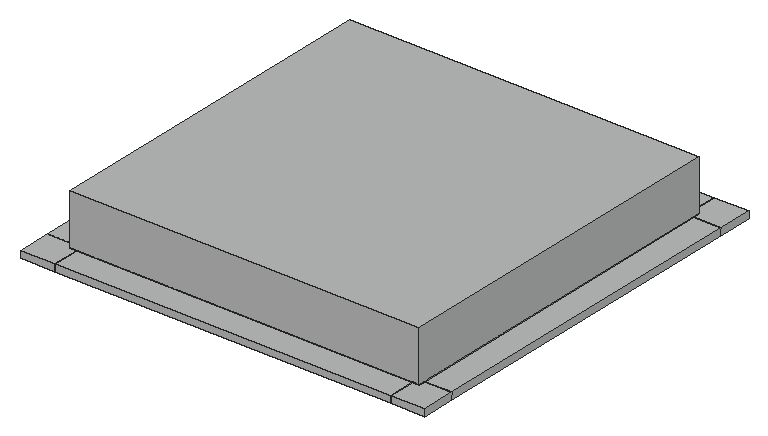
Revit family "ALUMOGIPS", category Осветительные приборы, Revit 2019 (continued)
Types (72, lengths in mm): name | Файл фотометрической сетки | built-in parameter 1150105 | Lumens | built-in parameter 1150106 | built-in parameter 1150142 | Wattage | Emit from Rectangle Width | Emit from Rectangle Length | Длина | Материал светильника | Ширина | ADSK_Ток | ADSK_Полная мощность | ADSK_Обозначение | ADSK_Номинальная мощность | ADSK_Наименование | ADSK_Масса | ADSK_Код изделия
  Alumogips-76/opal-sand 160х2305 (IP54, 4000К, серый) | "Светильник ALUMOGIPS-76 OPAL-SAND-(160x2300).IES" | 572.96 (stored number, unit not read) | 7200 lm | 5.7296 (stored number, unit not read) | "IESNA:LM-63-95\r\n[TEST] Протокол № 50-5\r\n[DATA]21.06.2016\r\n[MORE] \r\n[MANUFAC] ЗАО \"Центрстройсвет\"\r\n[LUMCAT]  Светильник ALUMOGIPS-76/OPAL-SAND-(160x2300)\r\n[LUMINAIRE]\r\n[LAMPCAT] Светодиоды\r\n[LAMP] Поток источника света (светодиодов) не известен\r\n[MORE] КСС приведена в абсолютных величинах кд\r\n[MORE] Вместо потока лампы, указан поток светильника.\r\nTILT=NONE\r\n1    7200 1.0 37 73 1 2 0.160 2.3 0.04\r\n1.0 1.0 76.6\r\n0.0 5.0 10.0 15.0 20.0 25.0 30.0 35.0 40.0 45.0 50.0 55.0 60.0 65.0 70.0 75.0 80.0 85.0 90.0 95.0 100.0 105.0 110.0 115.0 120.0 125.0 130.0 135.0 140.0 145.0 150.0 155.0 160.0 165.0 170.0 175.0 180.0\r\n0.0 5.0 10.0 15.0 20.0 25.0 30.0 35.0 40.0 45.0 50.0 55.0 60.0 65.0 70.0 75.0 80.0 85.0 90.0 95.0 100.0 105.0 110.0 115.0 120.0 125.0 130.0 135.0 140.0 145.0 150.0 155.0 160.0 165.0 170.0 175.0 180.0 185.0 190.0 195.0 200.0 205.0 210.0 215.0 220.0 225.0 230.0 235.0 240.0 245.0 250.0 255.0 260.0 265.0 270.0 275.0 280.0 285.0 290.0 295.0 300.0 305.0 310.0 315.0 320.0 325.0 330.0 335.0 340.0 345.0 350.0 355.0 360.0\r\n3405.6 3374.0 3369.6 3263.0 3188.3 3029.4 2777.5 2366.1 1845.1 1399.4 1065.5 805.3 609.9 450.2 323.1 240.5 163.0 73.4 7.8 0.0 0.0 0.0 0.0 0.0 0.0 0.0 0.0 0.0 0.0 0.0 0.0 0.0 0.0 0.0 0.0 0.0 0.0\r\n3405.6 3374.4 3379.9 3270.2 3198.2 3029.5 2790.9 2373.8 1854.9 1408.8 1072.8 809.5 619.4 453.6 327.0 242.6 164.9 74.0 8.4 0.0 0.0 0.0 0.0 0.0 0.0 0.0 0.0 0.0 0.0 0.0 0.0 0.0 0.0 0.0 0.0 0.0 0.0\r\n3405.6 3375.2 3384.5 3272.8 3199.0 3042.1 2776.0 2384.3 1886.5 1440.1 1094.4 832.2 628.9 457.0 331.8 247.4 169.1 74.3 8.8 0.0 0.0 0.0 0.0 0.0 0.0 0.0 0.0 0.0 0.0 0.0 0.0 0.0 0.0 0.0 0.0 0.0 0.0\r\n3405.6 3375.0 3385.9 3275.2 3180.8 3049.6 2793.5 2392.3 1915.8 1470.0 1127.9 857.8 642.3 462.7 335.0 254.7 174.5 74.9 9.2 0.0 0.0 0.0 0.0 0.0 0.0 0.0 0.0 0.0 0.0 0.0 0.0 0.0 0.0 0.0 0.0 0.0 0.0\r\n3405.6 3374.4 3376.0 3292.1 3177.6 3057.0 2812.9 2421.6 1960.5 1511.4 1168.9 901.6 665.7 470.6 339.0 258.2 176.2 78.1 9.6 0.0 0.0 0.0 0.0 0.0 0.0 0.0 0.0 0.0 0.0 0.0 0.0 0.0 0.0 0.0 0.0 0.0 0.0\r\n3405.6 3373.8 3358.9 3308.4 3174.1 3065.8 2824.7 2463.6 1997.6 1559.8 1217.5 938.4 690.8 482.6 342.3 252.9 177.1 79.1 10.0 0.0 0.0 0.0 0.0 0.0 0.0 0.0 0.0 0.0 0.0 0.0 0.0 0.0 0.0 0.0 0.0 0.0 0.0\r\n3405.6 3373.0 3345.2 3319.4 3197.2 3056.4 2836.9 2491.8 2046.7 1623.7 1269.0 987.0 723.9 501.1 345.5 251.9 178.8 81.4 10.7 0.0 0.0 0.0 0.0 0.0 0.0 0.0 0.0 0.0 0.0 0.0 0.0 0.0 0.0 0.0 0.0 0.0 0.0\r\n3405.6 3372.8 3343.6 3313.9 3208.1 3060.1 2841.4 2505.7 2088.6 1684.6 1324.2 1035.9 758.8 529.1 355.0 255.6 175.0 83.9 10.4 0.0 0.0 0.0 0.0 0.0 0.0 0.0 0.0 0.0 0.0 0.0 0.0 0.0 0.0 0.0 0.0 0.0 0.0\r\n3405.6 3375.3 3339.6 3304.4 3206.2 3085.6 2869.6 2552.3 2131.6 1731.3 1375.7 1080.9 800.2 556.1 372.5 257.7 168.0 87.1 10.7 0.0 0.0 0.0 0.0 0.0 0.0 0.0 0.0 0.0 0.0 0.0 0.0 0.0 0.0 0.0 0.0 0.0 0.0\r\n3405.6 3379.9 3338.3 3292.8 3199.2 3098.4 2883.0 2571.7 2179.2 1786.3 1435.5 1124.5 850.7 583.1 389.7 258.5 168.5 87.0 10.9 0.0 0.0 0.0 0.0 0.0 0.0 0.0 0.0 0.0 0.0 0.0 0.0 0.0 0.0 0.0 0.0 0.0 0.0\r\n3405.6 3384.6 3346.1 3286.5 3185.6 3081.2 2891.4 2590.2 2203.4 1830.5 1478.0 1169.5 878.2 609.2 406.7 266.0 166.9 86.8 10.1 0.0 0.0 0.0 0.0 0.0 0.0 0.0 0.0 0.0 0.0 0.0 0.0 0.0 0.0 0.0 0.0 0.0 0.0\r\n3405.6 3389.3 3362.5 3302.2 3211.6 3103.8 2908.8 2612.3 2251.7 1865.5 1519.4 1209.0 904.8 631.5 424.9 275.5 172.1 88.7 9.7 0.0 0.0 0.0 0.0 0.0 0.0 0.0 0.0 0.0 0.0 0.0 0.0 0.0 0.0 0.0 0.0 0.0 0.0\r\n3405.6 3394.3 3376.4 3293.5 3225.1 3102.4 2926.3 2644.9 2263.0 1896.0 1540.0 1225.2 919.2 646.4 442.6 292.2 179.1 88.4 9.9 0.0 0.0 0.0 0.0 0.0 0.0 0.0 0.0 0.0 0.0 0.0 0.0 0.0 0.0 0.0 0.0 0.0 0.0\r\n3405.6 3398.8 3384.9 3300.0 3226.2 3100.8 2928.0 2664.6 2289.0 1909.4 1550.4 1212.0 922.9 675.4 458.3 310.1 194.1 88.9 11.3 0.0 0.0 0.0 0.0 0.0 0.0 0.0 0.0 0.0 0.0 0.0 0.0 0.0 0.0 0.0 0.0 0.0 0.0\r\n3405.6 3403.8 3394.9 3300.1 3225.5 3082.0 2938.5 2679.7 2327.5 1917.2 1530.2 1177.9 905.7 682.8 470.6 323.4 215.2 95.6 9.9 0.0 0.0 0.0 0.0 0.0 0.0 0.0 0.0 0.0 0.0 0.0 0.0 0.0 0.0 0.0 0.0 0.0 0.0\r\n3405.6 3408.6 3386.4 3281.5 3213.7 3107.8 2945.4 2709.1 2357.5 1918.9 1499.2 1156.9 877.4 666.2 480.4 331.1 218.7 104.4 9.1 0.0 0.0 0.0 0.0 0.0 0.0 0.0 0.0 0.0 0.0 0.0 0.0 0.0 0.0 0.0 0.0 0.0 0.0\r\n3405.6 3410.6 3376.7 3285.0 3209.0 3098.5 2954.5 2719.8 2377.6 1921.2 1487.0 1128.4 854.9 640.0 464.7 329.7 219.2 105.6 11.0 0.0 0.0 0.0 0.0 0.0 0.0 0.0 0.0 0.0 0.0 0.0 0.0 0.0 0.0 0.0 0.0 0.0 0.0\r\n3405.6 3408.1 3366.0 3292.6 3209.8 3093.5 2949.2 2722.9 2395.0 1920.1 1488.3 1116.0 836.4 617.7 446.4 316.9 220.4 109.7 8.9 0.0 0.0 0.0 0.0 0.0 0.0 0.0 0.0 0.0 0.0 0.0 0.0 0.0 0.0 0.0 0.0 0.0 0.0\r\n3405.6 3402.7 3350.0 3304.7 3206.6 3058.9 2911.8 2690.5 2351.9 1903.0 1462.1 1104.8 832.1 611.9 438.5 311.8 216.6 107.1 8.8 0.0 0.0 0.0 0.0 0.0 0.0 0.0 0.0 0.0 0.0 0.0 0.0 0.0 0.0 0.0 0.0 0.0 0.0\r\n3405.6 3397.5 3348.8 3317.6 3208.2 3050.9 2880.6 2665.6 2330.9 1884.5 1458.1 1105.4 824.2 612.9 443.3 308.9 206.4 104.2 8.2 0.0 0.0 0.0 0.0 0.0 0.0 0.0 0.0 0.0 0.0 0.0 0.0 0.0 0.0 0.0 0.0 0.0 0.0\r\n3405.6 3393.4 3347.1 3314.7 3205.9 3062.3 2894.5 2664.4 2318.3 1892.3 1482.3 1121.5 836.2 626.4 450.4 309.2 202.6 99.9 7.6 0.0 0.0 0.0 0.0 0.0 0.0 0.0 0.0 0.0 0.0 0.0 0.0 0.0 0.0 0.0 0.0 0.0 0.0\r\n3405.6 3389.0 3353.8 3306.8 3191.0 3067.8 2890.7 2623.7 2273.8 1883.9 1482.8 1137.7 858.8 637.9 451.4 307.0 196.3 94.9 5.3 0.0 0.0 0.0 0.0 0.0 0.0 0.0 0.0 0.0 0.0 0.0 0.0 0.0 0.0 0.0 0.0 0.0 0.0\r\n3405.6 3385.8 3363.6 3284.5 3190.2 3052.2 2867.0 2603.7 2234.7 1868.2 1486.7 1153.6 873.6 630.9 431.5 292.6 192.4 88.6 3.7 0.0 0.1 0.0 0.0 0.0 0.0 0.0 0.0 0.0 0.0 0.0 0.0 0.0 0.0 0.0 0.0 0.0 0.0\r\n3405.6 3384.7 3368.2 3275.4 3191.3 3027.7 2848.8 2554.0 2194.9 1820.0 1488.1 1166.5 864.2 606.8 408.2 280.2 175.2 81.6 3.0 0.0 0.0 0.0 0.0 0.0 0.0 0.0 0.0 0.0 0.0 0.0 0.0 0.0 0.0 0.0 0.0 0.0 0.0\r\n3405.6 3384.8 3378.5 3286.4 3189.7 3022.3 2833.9 2516.5 2136.9 1793.4 1469.5 1158.8 841.3 573.2 384.8 263.2 159.9 79.3 2.3 0.0 0.0 0.0 0.0 0.0 0.0 0.0 0.0 0.0 0.0 0.0 0.0 0.0 0.0 0.0 0.0 0.0 0.0\r\n3405.6 3385.1 3380.7 3277.4 3186.3 3025.2 2795.8 2474.4 2098.7 1759.6 1435.7 1121.3 817.3 544.5 365.0 244.9 152.2 74.4 1.3 0.0 0.0 0.0 0.0 0.0 0.0 0.0 0.0 0.0 0.0 0.0 0.0 0.0 0.0 0.0 0.0 0.0 0.0\r\n3405.6 3385.7 3379.5 3270.4 3188.1 3012.0 2777.6 2434.0 2067.6 1704.2 1382.0 1070.1 786.0 522.6 351.5 231.7 152.4 65.6 0.6 0.0 0.0 0.0 0.0 0.0 0.0 0.0 0.0 0.0 0.0 0.0 0.0 0.0 0.0 0.0 0.0 0.0 0.0\r\n3405.6 3386.0 3376.9 3263.0 3160.9 3007.9 2751.4 2393.6 2021.0 1665.4 1317.2 1023.3 746.3 501.3 336.3 231.8 146.1 59.9 0.4 0.0 0.0 0.0 0.0 0.0 0.0 0.0 0.0 0.0 0.0 0.0 0.0 0.0 0.0 0.0 0.0 0.0 0.0\r\n3405.6 3384.9 3366.1 3253.7 3170.8 2993.7 2732.7 2368.9 1968.1 1602.0 1254.2 973.1 694.2 478.2 324.9 229.6 146.4 57.0 0.4 0.0 0.0 0.0 0.0 0.0 0.0 0.0 0.0 0.0 0.0 0.0 0.0 0.0 0.0 0.0 0.0 0.0 0.0\r\n3405.6 3382.6 3357.8 3257.4 3163.3 2994.3 2702.7 2336.5 1915.3 1530.9 1200.5 923.8 649.6 455.6 313.7 233.1 145.7 54.4 0.2 0.0 0.0 0.0 0.0 0.0 0.0 0.0 0.0 0.0 0.0 0.0 0.0 0.0 0.0 0.0 0.0 0.0 0.0\r\n3405.6 3380.7 3356.6 3258.4 3159.0 2982.6 2691.5 2294.1 1868.3 1466.2 1148.0 872.1 619.3 435.2 305.9 234.1 146.9 49.7 0.1 0.0 0.0 0.0 0.0 0.0 0.0 0.0 0.0 0.0 0.0 0.0 0.0 0.0 0.0 0.0 0.0 0.0 0.0\r\n3405.6 3380.2 3362.4 3257.2 3157.7 2959.7 2678.8 2269.4 1815.3 1403.1 1103.0 832.5 590.3 414.5 305.4 230.7 143.9 45.9 0.1 0.0 0.0 0.0 0.0 0.0 0.0 0.0 0.0 0.0 0.0 0.0 0.0 0.0 0.0 0.0 0.0 0.0 0.0\r\n3405.6 3380.5 3369.8 3257.8 3138.3 2951.0 2656.0 2239.6 1762.6 1363.8 1057.8 797.2 573.0 401.9 302.8 233.9 140.7 44.8 0.0 0.0 0.0 0.0 0.0 0.0 0.0 0.0 0.0 0.0 0.0 0.0 0.0 0.0 0.0 0.0 0.0 0.0 0.0\r\n3405.6 3379.5 3365.6 3260.4 3137.5 2949.1 2644.6 2207.8 1716.8 1327.0 1024.7 771.4 557.0 393.1 299.3 232.1 139.2 42.6 0.0 0.0 0.0 0.0 0.0 0.0 0.0 0.0 0.0 0.0 0.0 0.0 0.0 0.0 0.0 0.0 0.0 0.0 0.0\r\n3405.6 3376.0 3364.9 3251.5 3153.0 2948.3 2638.0 2188.2 1691.6 1292.8 994.4 750.2 551.7 390.4 295.1 229.1 137.2 41.5 0.0 0.0 0.0 0.0 0.0 0.0 0.0 0.0 0.0 0.0 0.0 0.0 0.0 0.0 0.0 0.0 0.0 0.0 0.0\r\n3405.6 3370.8 3357.6 3249.3 3149.7 2936.4 2617.0 2159.9 1666.8 1272.2 975.6 735.3 545.3 390.5 291.2 226.7 136.0 40.9 0.0 0.0 0.0 0.0 0.0 0.0 0.0 0.0 0.0 0.0 0.0 0.0 0.0 0.0 0.0 0.0 0.0 0.0 0.0\r\n3405.6 3367.3 3346.1 3241.8 3134.2 2934.5 2612.2 2158.6 1652.8 1266.3 962.9 724.9 539.6 390.2 293.3 227.8 135.2 40.4 0.0 0.0 0.0 0.0 0.0 0.0 0.0 0.0 0.0 0.0 0.0 0.0 0.0 0.0 0.0 0.0 0.0 0.0 0.0\r\n3405.6 3368.2 3337.0 3237.8 3138.6 2954.7 2622.9 2162.1 1655.6 1265.9 963.0 724.8 536.8 391.2 297.0 230.5 136.7 39.8 0.0 0.0 0.0 0.0 0.0 0.0 0.0 0.0 0.0 0.0 0.0 0.0 0.0 0.0 0.0 0.0 0.0 0.0 0.0\r\n3405.6 3372.2 3333.4 3246.8 3134.8 2934.1 2635.7 2167.6 1659.0 1285.6 977.2 727.6 536.3 392.1 302.7 235.0 140.3 39.7 0.0 0.0 0.0 0.0 0.0 0.0 0.0 0.0 0.0 0.0 0.0 0.0 0.0 0.0 0.0 0.0 0.0 0.0 0.0\r\n3405.6 3376.2 3321.9 3266.8 3125.0 2950.7 2642.3 2186.7 1691.6 1305.6 994.0 739.6 539.3 393.8 306.1 237.2 143.5 38.8 0.0 0.0 0.0 0.0 0.0 0.0 0.0 0.0 0.0 0.0 0.0 0.0 0.0 0.0 0.0 0.0 0.0 0.0 0.0\r\n3405.6 3379.4 3316.7 3264.5 3130.8 2944.5 2649.9 2215.4 1724.5 1336.3 1021.6 761.9 549.1 393.9 303.9 235.6 146.4 37.9 0.0 0.0 0.0 0.0 0.0 0.0 0.0 0.0 0.0 0.0 0.0 0.0 0.0 0.0 0.0 0.0 0.0 0.0 0.0\r\n3405.6 3383.0 3326.8 3246.1 3125.9 2947.4 2663.6 2233.9 1765.1 1371.0 1058.8 789.0 568.8 399.2 300.8 234.5 143.4 40.8 0.0 0.0 0.0 0.0 0.0 0.0 0.0 0.0 0.0 0.0 0.0 0.0 0.0 0.0 0.0 0.0 0.0 0.0 0.0\r\n3405.6 3386.5 3337.2 3241.5 3139.8 2952.5 2691.9 2271.1 1812.4 1412.5 1099.1 823.6 588.0 409.8 303.3 230.0 140.6 43.8 0.1 0.0 0.0 0.0 0.0 0.0 0.0 0.0 0.0 0.0 0.0 0.0 0.0 0.0 0.0 0.0 0.0 0.0 0.0\r\n3405.6 3388.5 3345.9 3222.1 3131.1 2960.1 2705.2 2312.9 1871.3 1466.1 1142.4 871.8 614.9 426.7 305.1 221.1 142.6 43.8 0.1 0.0 0.0 0.0 0.0 0.0 0.0 0.0 0.0 0.0 0.0 0.0 0.0 0.0 0.0 0.0 0.0 0.0 0.0\r\n3405.6 3389.0 3355.6 3233.4 3109.0 2966.0 2715.3 2353.2 1922.1 1520.6 1190.9 915.7 651.0 447.1 306.4 223.0 138.6 47.2 0.1 0.0 0.0 0.0 0.0 0.0 0.0 0.0 0.0 0.0 0.0 0.0 0.0 0.0 0.0 0.0 0.0 0.0 0.0\r\n3405.6 3389.3 3354.8 3251.9 3132.5 2965.2 2728.2 2393.1 1972.4 1582.9 1241.3 958.7 686.2 467.4 312.0 220.5 134.6 51.4 0.2 0.0 0.0 0.0 0.0 0.0 0.0 0.0 0.0 0.0 0.0 0.0 0.0 0.0 0.0 0.0 0.0 0.0 0.0\r\n3405.6 3389.4 3354.8 3266.4 3139.3 2973.1 2765.9 2430.8 2025.1 1635.6 1300.6 994.8 731.8 481.5 321.6 222.6 137.5 54.9 0.3 0.0 0.0 0.0 0.0 0.0 0.0 0.0 0.0 0.0 0.0 0.0 0.0 0.0 0.0 0.0 0.0 0.0 0.0\r\n3405.6 3388.8 3340.9 3260.4 3150.4 2987.7 2775.6 2458.4 2064.8 1696.3 1344.0 1038.6 756.8 499.3 332.2 230.0 143.6 58.5 0.4 0.0 0.0 0.0 0.0 0.0 0.0 0.0 0.0 0.0 0.0 0.0 0.0 0.0 0.0 0.0 0.0 0.0 0.0\r\n3405.6 3387.2 3322.6 3246.6 3126.8 2978.0 2792.4 2490.1 2122.6 1733.9 1378.4 1075.9 772.3 526.0 346.2 242.3 156.2 65.4 0.4 0.0 0.0 0.0 0.0 0.0 0.0 0.0 0.0 0.0 0.0 0.0 0.0 0.0 0.0 0.0 0.0 0.0 0.0\r\n3405.6 3383.9 3314.5 3234.8 3144.9 2988.4 2814.6 2529.8 2156.8 1772.6 1397.1 1083.5 790.8 540.3 368.4 260.2 167.1 74.2 0.8 0.0 0.0 0.0 0.0 0.0 0.0 0.0 0.0 0.0 0.0 0.0 0.0 0.0 0.0 0.0 0.0 0.0 0.0\r\n3405.6 3379.4 3310.9 3250.0 3156.3 3003.7 2817.4 2566.7 2194.6 1810.3 1409.3 1078.2 794.2 558.2 388.1 271.2 176.4 77.8 1.7 0.0 0.0 0.0 0.0 0.0 0.0 0.0 0.0 0.0 0.0 0.0 0.0 0.0 0.0 0.0 0.0 0.0 0.0\r\n3405.6 3375.3 3308.4 3270.0 3165.9 3011.6 2831.4 2587.5 2249.3 1834.2 1422.2 1057.9 777.0 567.9 398.1 276.8 185.1 81.8 2.2 0.0 0.0 0.0 0.0 0.0 0.0 0.0 0.0 0.0 0.0 0.0 0.0 0.0 0.0 0.0 0.0 0.0 0.0\r\n3405.6 3373.8 3313.7 3282.8 3148.7 3003.0 2850.3 2609.6 2283.3 1855.2 1420.9 1051.3 759.3 555.6 400.0 277.6 187.3 87.7 3.0 0.0 0.0 0.0 0.0 0.0 0.0 0.0 0.0 0.0 0.0 0.0 0.0 0.0 0.0 0.0 0.0 0.0 0.0\r\n3405.6 3375.3 3325.6 3277.7 3138.0 3009.7 2836.5 2602.2 2299.2 1863.9 1422.4 1034.9 741.8 546.2 395.1 275.0 184.8 89.1 3.7 0.0 0.0 0.0 0.0 0.0 0.0 0.0 0.0 0.0 0.0 0.0 0.0 0.0 0.0 0.0 0.0 0.0 0.0\r\n3405.6 3378.7 3333.0 3254.4 3140.4 3006.4 2816.0 2605.6 2308.4 1861.6 1416.4 1040.7 742.8 543.4 391.9 275.4 184.8 89.7 5.0 0.0 0.0 0.0 0.0 0.0 0.0 0.0 0.0 0.0 0.0 0.0 0.0 0.0 0.0 0.0 0.0 0.0 0.0\r\n3405.6 3381.8 3338.2 3252.6 3147.4 3018.7 2868.1 2644.9 2325.0 1884.7 1435.2 1041.6 753.1 552.0 396.6 279.4 191.2 93.5 7.2 0.0 0.0 0.0 0.0 0.0 0.0 0.0 0.0 0.0 0.0 0.0 0.0 0.0 0.0 0.0 0.0 0.0 0.0\r\n3405.6 3383.6 3341.0 3247.3 3160.9 3017.2 2875.2 2639.9 2319.2 1883.9 1448.4 1056.1 777.3 574.1 412.3 285.8 193.0 94.2 7.6 0.0 0.0 0.0 0.0 0.0 0.0 0.0 0.0 0.0 0.0 0.0 0.0 0.0 0.0 0.0 0.0 0.0 0.0\r\n3405.6 3385.6 3335.8 3252.4 3163.9 3026.7 2871.5 2623.0 2293.6 1872.2 1457.5 1078.2 800.0 592.4 417.5 285.6 189.6 89.8 8.5 0.0 0.0 0.0 0.0 0.0 0.0 0.0 0.0 0.0 0.0 0.0 0.0 0.0 0.0 0.0 0.0 0.0 0.0\r\n3405.6 3387.7 3330.1 3255.0 3151.5 3033.4 2858.5 2613.6 2262.7 1865.1 1462.5 1110.7 825.6 594.9 414.7 281.1 177.4 88.6 7.6 0.0 0.0 0.0 0.0 0.0 0.0 0.0 0.0 0.0 0.0 0.0 0.0 0.0 0.0 0.0 0.0 0.0 0.0\r\n3405.6 3388.5 3329.1 3265.5 3157.3 3037.6 2854.4 2610.4 2237.5 1847.7 1465.6 1129.5 840.9 593.9 397.0 267.4 172.4 85.2 7.3 0.0 0.0 0.0 0.0 0.0 0.0 0.0 0.0 0.0 0.0 0.0 0.0 0.0 0.0 0.0 0.0 0.0 0.0\r\n3405.6 3389.1 3323.8 3273.5 3158.4 3036.0 2845.8 2577.5 2210.5 1823.3 1444.2 1138.2 834.9 575.5 381.4 251.8 163.1 81.2 8.0 0.0 0.0 0.0 0.0 0.0 0.0 0.0 0.0 0.0 0.0 0.0 0.0 0.0 0.0 0.0 0.0 0.0 0.0\r\n3405.6 3389.2 3322.5 3281.9 3168.6 3032.2 2854.2 2564.0 2184.7 1793.3 1422.4 1119.0 826.7 559.9 366.4 247.8 153.3 78.0 7.8 0.0 0.0 0.0 0.0 0.0 0.0 0.0 0.0 0.0 0.0 0.0 0.0 0.0 0.0 0.0 0.0 0.0 0.0\r\n3405.6 3387.7 3319.8 3272.3 3157.1 3027.4 2839.9 2532.3 2158.3 1750.2 1392.4 1081.5 802.3 546.0 352.4 246.1 148.6 79.3 7.6 0.0 0.0 0.0 0.0 0.0 0.0 0.0 0.0 0.0 0.0 0.0 0.0 0.0 0.0 0.0 0.0 0.0 0.0\r\n3405.6 3384.8 3317.1 3274.3 3158.2 3032.9 2838.0 2521.5 2113.4 1696.6 1348.0 1045.7 770.8 522.2 349.8 236.5 152.8 76.4 7.8 0.0 0.0 0.0 0.0 0.0 0.0 0.0 0.0 0.0 0.0 0.0 0.0 0.0 0.0 0.0 0.0 0.0 0.0\r\n3405.6 3381.1 3321.0 3266.5 3167.4 3038.1 2831.5 2500.6 2076.3 1655.1 1303.1 1004.1 732.3 502.0 337.0 237.4 158.1 75.2 7.6 0.0 0.0 0.0 0.0 0.0 0.0 0.0 0.0 0.0 0.0 0.0 0.0 0.0 0.0 0.0 0.0 0.0 0.0\r\n3405.6 3377.7 3324.6 3277.8 3182.7 3030.1 2820.8 2478.2 2039.3 1602.2 1256.8 964.1 700.3 483.3 331.2 238.2 163.7 76.0 8.0 0.0 0.0 0.0 0.0 0.0 0.0 0.0 0.0 0.0 0.0 0.0 0.0 0.0 0.0 0.0 0.0 0.0 0.0\r\n3405.6 3375.5 3325.5 3283.5 3169.3 3022.5 2808.0 2454.8 2003.5 1553.8 1212.1 931.5 672.6 461.4 326.0 242.2 168.6 76.6 8.0 0.0 0.0 0.0 0.0 0.0 0.0 0.0 0.0 0.0 0.0 0.0 0.0 0.0 0.0 0.0 0.0 0.0 0.0\r\n3405.6 3374.9 3330.3 3288.1 3166.2 3028.8 2798.8 2423.7 1947.2 1509.3 1168.8 887.6 644.4 448.7 319.8 246.7 173.8 76.1 7.7 0.0 0.0 0.0 0.0 0.0 0.0 0.0 0.0 0.0 0.0 0.0 0.0 0.0 0.0 0.0 0.0 0.0 0.0\r\n3405.6 3375.8 3335.8 3292.2 3152.4 3030.8 2801.5 2407.5 1900.5 1466.9 1137.2 857.2 622.1 438.2 319.2 248.7 175.5 73.9 7.4 0.0 0.0 0.0 0.0 0.0 0.0 0.0 0.0 0.0 0.0 0.0 0.0 0.0 0.0 0.0 0.0 0.0 0.0\r\n3405.6 3377.0 3343.4 3285.9 3163.1 3043.0 2786.2 2383.5 1881.6 1436.0 1103.7 828.1 608.6 434.1 320.1 248.0 171.3 74.3 7.3 0.0 0.0 0.0 0.0 0.0 0.0 0.0 0.0 0.0 0.0 0.0 0.0 0.0 0.0 0.0 0.0 0.0 0.0\r\n3405.6 3376.7 3347.3 3271.5 3174.8 3037.8 2775.2 2372.1 1859.9 1414.7 1086.8 813.5 602.2 433.1 320.5 245.7 167.2 74.1 7.5 0.0 0.0 0.0 0.0 0.0 0.0 0.0 0.0 0.0 0.0 0.0 0.0 0.0 0.0 0.0 0.0 0.0 0.0\r\n3405.6 3375.1 3357.4 3255.8 3187.9 3040.3 2795.0 2366.4 1846.4 1401.0 1068.4 804.4 604.7 439.6 321.3 242.1 162.6 73.7 7.6 0.0 0.0 0.0 0.0 0.0 0.0 0.0 0.0 0.0 0.0 0.0 0.0 0.0 0.0 0.0 0.0 0.0 0.0\r\n3405.6 3374.0 3369.6 3263.0 3188.3 3029.4 2777.5 2366.1 1845.1 1399.4 1065.5 805.3 609.9 450.2 323.1 240.5 163.0 73.4 7.8 0.0 0.0 0.0 0.0 0.0 0.0 0.0 0.0 0.0 0.0 0.0 0.0 0.0 0.0 0.0 0.0 0.0 0.0\r\n" | 48.4712 W | 140 | 2285 | 2305 | RAL 9006 | 160 | 0.359168 A | 82.6087 VA | "Alumogips-76/opal-sand 160х2305 (IP54, 4000К, серый)" | 76 W 
    | "Встраиваемый светодиодный светильник Alumogips-76/opal-sand 160х2305 (IP54, 4000К, серый)" | 3 | "ЦБ000008090"
